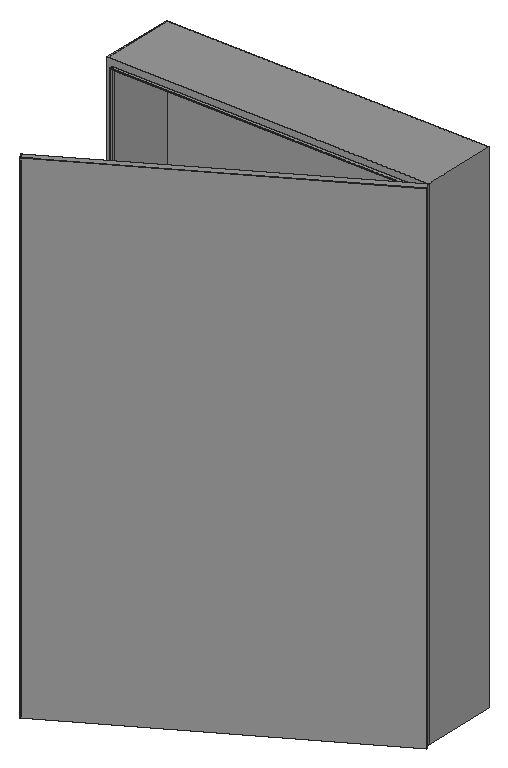
Revit family "Hager-Univers-IP54-D205-H1250-Cl.I-Encl-NoHosted-CH-de", category Equipement électrique, Revit 2020
Family settings
  Configuration du panneau = Deux colonnes, circuits au sein
  Cote de connecteur circulaire = Utiliser le diamètre
  Type d'élément = Tableau de raccordement
  Basée sur le plan de construction = Oui
  Toujours verticalement = Oui
  Couper avec des vides une fois chargée = Non
  Partagée = Non
  Point de calcul de pièce = Non
Parameters (values of type "Aufputz IP54 B800 H1250 T205  - FP83TW2")
  Width Control [instance] = if([EF000008 - Breite] > Min Width, [EF000008 - Breite], Min Width)  # 800 mm
  Commentaires du type = [HG000003 - Bereich]  # "Univers"
  Thickness Door [instance] = if([EF009171 - Materialstärke Tür/Deckel] > 3 mm, 3 mm, [EF009171 - Materialstärke Tür/Deckel])  # 1 mm
  Seal Frame Offset [instance] = 17 mm  # constant formula
  Plinth Visibility [instance] = [HG000027 - Sockelhöhe] > 0 mm  # no
  Min Width [instance] = 100 mm  # constant formula
  Min Depth [instance] = (2 * [EF009170 - Materialstärke Gehäuse]) + 1 mm  # 3 mm
  Min Height [instance] = 100 mm  # constant formula
  Internal Frame Depth [instance] = (Door System Depth * 0.5)  # 9 mm
  Panel Name [instance] = ""  # (empty or 0)
  Model = ""
  HG000027 - Sockelhöhe = 0 mm
  HG000026 - Stehend auf dem Boden = no
  HG000024 - Höhe des unteren Teils = 600 mm
  HG000023 - Gehäuse mit doppeltem Querschnitt = no
  HG000016 - 3D-Türsichtbarkeit [instance] = yes
  HG000015 - Sichtbarkeit der Türöffnung [instance] = no
  HG000014 - Tür rechts [instance] = yes
  HG000013 - Tür links [instance] = not([HG000014 - Tür rechts])  # no
  HG000012 - Türschwenkwinkel [instance] = 30.00°
  HG000010 - Asymmetrische Türen = no
  HG000009 - Doppelflügeligen Tür = no
  HG000006 - Unterputz = no
  HG000004 - Herstellerreferenz = "FP83TW2"
  HG000003 - Bereich = "Univers"
  HG000002 - Mit tür = yes
  Frame Offset Bottom [instance] = 10 mm  # constant formula
  Frame Offset [instance] = 15 mm  # constant formula
  EF015940 - Deckel mit Überdruckentlastung = no
  EF011959 - Schutzart (NEMA) = ""
  EF009554 - Anzahl der Öffnungen für Flanschplatten = 6
  EF009212 - Ausführung Deckel = "EV000116 - geschlossen"
  EF009171 - Materialstärke Tür/Deckel = 1 mm
  EF009170 - Materialstärke Gehäuse = 1 mm
  EF008873 - Nennstrom (In) = 250 A
  EF007800 - Geeignet für Blitzschutz = no
  EF006306 - Mit Schloss = no
  EF006244 - Transparenter Deckel/Tür = no
  EF005474 - Schutzart (IP) = "EV006419 - IP54"
  EF004464 - Art der Tür = "EV002646 - Einzel"
  EF004427 - Anzahl der Module = 288
  EF004293 - Schlagfestigkeit = "EV006815 - IK09"
  EF003532 - Geeignet für Außengebrauch = no
  EF002950 - Breite in Teilungseinheiten = 36
  EF001613 - Funktionserhalt = "EV000494 - ohne"
  EF001596 - Werkstoff des Gehäuses = "EV000179 - Stahl"
  EF001131 - Innentiefe = 130 mm
  EF001088 - Anbaumöglichkeit = yes
  EF000437 - Anzahl der Leitungseinführungen = 6
  EF000339 - Art der Abdeckung = "EV001012 - Deckel"
  EF000266 - Anzahl der Reihen = 8
  EF000218 - Einbautiefe = 205 mm
  EF000118 - Mit Montageplatte = no
  EF000116 - RAL-Nummer = "9010"
  EF000049 - Tiefe = 205 mm
  EF000040 - Höhe = 1250 mm
  EF000008 - Breite = 800 mm
  EF000007 - Farbe = "EV000202 - weiß"
  EF000003 - Montageart = "EV000384 - Aufputz"
  Door System Leaf Tolerance [instance] = 1.5 mm  # constant formula
  Door System Depth [instance] = 18 mm  # constant formula
  Door Height [instance] = Height Control - [HG000027 - Sockelhöhe]  # 1250 mm
  Description = ""
  Default Elevation = 1219.2 mm
  Connector Offset [instance] = Height Control / 2  # 625 mm
  Fabricant = "Hager"  # constant formula
  Height Control [instance] = if([EF000040 - Höhe] > Min Height, [EF000040 - Höhe], Min Height)  # 1250 mm
  Depth Control [instance] = if([EF000049 - Tiefe] > Min Depth, [EF000049 - Tiefe], Min Depth)  # 205 mm
  Bottom Top Plate Trim [instance] = 1.5 mm  # constant formula
  Plinth height Ctrl [instance] = if([HG000027 - Sockelhöhe] > 0 mm, [HG000027 - Sockelhöhe], 12 mm)  # 12 mm
Types (5, lengths in mm): name | Width Control | HG000004 - Herstellerreferenz | EF009554 - Anzahl der Öffnungen für Flanschplatten | EF004464 - Art der Tür | EF004427 - Anzahl der Module | EF002950 - Breite in Teilungseinheiten | EF000437 - Anzahl der Leitungseinführungen | EF000008 - Breite
  Aufputz IP54 B1050 H1250 T205  - FP84TW2 | 1050 | "FP84TW2" | 8 | "EV003602 - Doppel" | 384 | 48 | 8 | 1050
  Aufputz IP54 B1300 H1250 T205  - FP85TW2 | 1300 | "FP85TW2" | 10 | "EV003602 - Doppel" | 480 | 60 | 10 | 1300
  Aufputz IP54 B300 H1250 T205  - FP81TW2 | 300 | "FP81TW2" | 2 | "EV002646 - Einzel" | 96 | 12 | 2 | 300
  Aufputz IP54 B550 H1250 T205  - FP82TW2 | 550 | "FP82TW2" | 4 | "EV002646 - Einzel" | 192 | 24 | 4 | 550
  Aufputz IP54 B800 H1250 T205  - FP83TW2 | 800 | "FP83TW2" | 6 | "EV002646 - Einzel" | 288 | 36 | 6 | 800
Reference planes
  plane 1 "Center (Front/Back)": y = 0
  plane 2: z = 0
  plane 3 "Center (Left/Right)": x = 0
  plane 4: y = 0
  plane 5: y = 0
  plane 6: z = 0
  plane 7: x = -400
  plane 8: x = 400
  plane 9: x = 399
  plane 10: x = -399
  plane 11: z = 0
  plane 12: z = 1
  plane 13: y = -205
  plane 14: y = -1
  plane 15: x = 0
  plane 16: y = -187
  plane 17: y = -204
  plane 18: y = -186
  plane 19: x = -384
  plane 20: x = 384
  plane 21: z = 11
  plane 22: x = -383
  plane 23: x = 383
  plane 24: z = 0
  plane 25: z = 1250
  plane 26: z = 1250
  plane 27: z = 1234
  plane 28: z = 1249
Forms (mm)
  Extrusion 1, solid, material "Hager_Steel_RAL7035_Light_Grey", detail levels medium+fine
    sketch origin (-208.679, -4572, 0) x (-1, 0, 0) y (0, -1, 0)
      loop
        line (191.321, -4385) -> (-608.679, -4385) -> (-608.679, -4572) -> (191.321, -4572) -> (191.321, -4385)
    from 0 to 1250
  Extrusion 2, void
    sketch origin (-350.771, -205, 1219.2) x (1, 0, 0) y (0, 0, 1)
      loop
        line (-48.229, 29.8) -> (-48.229, -1218.2) -> (749.771, -1218.2) -> (749.771, 29.8) -> (-48.229, 29.8)
    from -19 to -204
  Extrusion 3, void
    sketch origin (-290.084, -187, 1219.2) x (1, 0, 0) y (0, 0, 1)
      loop
        line (-93.916, -1208.2) -> (674.084, -1208.2) -> (674.084, 14.8) -> (-93.916, 14.8) -> (-93.916, -1208.2)
    from 0 to -1
  Extrusion 4, solid, material "Hager_Steel_RAL7035_Light_Grey", visible <- "Plinth Visibility", detail levels medium+fine
    sketch origin (0, 0, 0) x (1, 0, 0) y (0, 1, 0)
      loop
        line (-400, 0) -> (-400, -187) -> (400, -187) -> (400, 0) -> (-400, 0)
    from 0 to 12 <- "Plinth height Ctrl"
  Extrusion 5, solid, material "Hager_Steel_RAL7035_Light_Grey", detail levels coarse
    sketch origin (0, 0, 0) x (1, 0, 0) y (0, 1, 0)
      loop
        line (-400, 0) -> (-400, -205) -> (400, -205) -> (400, 0) -> (-400, 0)
    from 0 to 1250 <- "Height Control"
  Sweep 6, void
    path in 3D
      loop
        line (-400, -187, 12) -> (400, -187, 12) -> (400, 0, 12) -> (-400, 0, 12) -> (-400, -187, 12)
    profile origin (-400, -93.5, 12) x (1, 0, 0) y (0, 0, 1)
      loop
        line (0, 0) -> (0, -1.5) -> (1.5, -1.5)
        arc (1.5, -1.5) -> (1.061, -0.439) -> (0, 0) r 1.5
  Extrusion 7, solid, material "Hager_Steel_RAL7035_Light_Grey", detail levels fine
    sketch origin (-400, -187, 0) x (1, 0, 0) y (0, 0, 1)
      loop
        line (16, 11) -> (784, 11) -> (784, 1234) -> (16, 1234) -> (16, 11)
      loop
        line (15, 10) -> (785, 10) -> (785, 1235) -> (15, 1235) -> (15, 10)
    from 0 to 9 <- "Internal Frame Depth"
Cuts and joins
  Extrusion 2, Extrusion 3 cuts Extrusion 1
  Sweep 6 cuts Extrusion 4
Lines and regions (mm)
  Masking region 1
    outline origin (0, 0, 0) x (1, 0, 0) y (0, 1, 0)
      loop
        line (-400, 0) -> (-400, -205) -> (400, -205) -> (400, 0) -> (-400, 0)
  Masking region 2, detail levels coarse
    outline origin (-290.084, -187, 1219.2) x (-1, 0, 0) y (0, 0, 1)
      loop
        line (-690.084, -1219.2) -> (109.916, -1219.2) -> (109.916, 30.8) -> (-690.084, 30.8) -> (-690.084, -1219.2)
  Masking region 3, detail levels coarse
    outline origin (0, 0, 0) x (0, 1, 0) y (0, 0, 1)
      loop
        line (0, 0) -> (0, 1250) -> (-205, 1250) -> (-205, 0) -> (0, 0)
  Masking region 4, visible <- "Plinth Visibility", detail levels medium+fine
    outline origin (0, 0, 0) x (0, 1, 0) y (0, 0, 1)
      loop
        line (-1.5, 12) -> (-185.5, 12)
        arc (-185.5, 12) -> (-185.939, 10.939) -> (-187, 10.5) r 1.5
        line (-187, 10.5) -> (-187, 0) -> (0, 0) -> (0, 10.5)
        arc (0, 10.5) -> (-1.061, 10.939) -> (-1.5, 12) r 1.5
  Masking region 5, detail levels medium+fine
    outline origin (0, 0, 594.038) x (0, 1, 0) y (0, 0, 1)
      loop
        line (0, -594.038) -> (0, 655.962) -> (-187, 655.962) -> (-187, -594.038) -> (0, -594.038)
  Masking region 6, detail levels medium+fine
    outline origin (-359.7, -187, 1211.883) x (-1, 0, 0) y (0, 0, 1)
      loop
        line (-759.7, -1211.883) -> (40.3, -1211.883) -> (40.3, 38.117) -> (-759.7, 38.117) -> (-759.7, -1211.883)
  Masking region 7, visible <- "Plinth Visibility", detail levels medium+fine
    outline origin (-320.334, -187, 1041.368) x (-1, 0, 0) y (0, 0, 1)
      loop
        line (-720.334, -1041.368) -> (79.666, -1041.368) -> (79.666, -1030.868)
        arc (79.666, -1030.868) -> (78.606, -1030.429) -> (78.166, -1029.368) r 1.5
        line (78.166, -1029.368) -> (-718.834, -1029.368)
        arc (-718.834, -1029.368) -> (-719.273, -1030.429) -> (-720.334, -1030.868) r 1.5
        line (-720.334, -1030.868) -> (-720.334, -1041.368)
  sketch lines
    curve 1: line (-400, 0, 12) -> (-400, -187, 12)
    curve 2: line (-400, -187, 12) -> (400, -187, 12)
    curve 3: line (400, 0, 12) -> (-400, 0, 12)
    curve 4: line (400, -187, 12) -> (400, 0, 12)
Dimensions and locks
  locked: plane 1 "Center (Front/Back)" to plane 5
  "EF009170 - Materialstärke Gehäuse": plane 7 to plane 10
  "EF009170 - Materialstärke Gehäuse": plane 8 to plane 9
  equal spacing: plane 7, plane 3 "Center (Left/Right)", plane 8
  "Width Control": plane 7 to plane 8
  "Depth Control": plane 4 to plane 13
  "EF009170 - Materialstärke Gehäuse": plane 4 to plane 14
  "Height Control": plane 25 to level
  "HG000027 - Sockelhöhe": plane 11 to level
  "EF009170 - Materialstärke Gehäuse": plane 12 to plane 11
  "EF009170 - Materialstärke Gehäuse": plane 17 to plane 13
  "EF009170 - Materialstärke Gehäuse": plane 18 to plane 16
  "Frame Offset Bottom": plane 21 to plane 12
  "Frame Offset": plane 10 to plane 19
  "Frame Offset": plane 9 to plane 20
  "Door System Depth": plane 16 to plane 13
  "Seal Frame Offset": plane 7 to plane 22
  "Seal Frame Offset": plane 8 to plane 23
  "EF009170 - Materialstärke Gehäuse": plane 26 to plane 28
  "Frame Offset": plane 28 to plane 27
  "Connector Offset": plane 2 to connector elem
  "Bottom Top Plate Trim": profile plane to Sweep 6 sketch curve
  "Bottom Top Plate Trim": Sweep 6 sketch curve to Sweep 6 sketch curve
  "Plinth height Ctrl": Masking region 4 sketch curve to level
  "Plinth height Ctrl": Masking region 7 sketch curve to level
  "Thickness Door": Extrusion 7 sketch curve to Extrusion 7 sketch curve  (x4)
  "Bottom Top Plate Trim": radius of Sweep 6 sketch curve
  "Bottom Top Plate Trim": radius of Masking region 4 sketch curve  (x2)
  "Bottom Top Plate Trim": radius of Masking region 7 sketch curve  (x2)
  aligned and locked: Extrusion 2 sketch curve to plane 12
  aligned and locked: Extrusion 2 sketch curve to plane 9
  aligned and locked: Extrusion 2 sketch curve to plane 10
  aligned and locked: Extrusion 2 to plane 14
  aligned and locked: Extrusion 1 sketch curve to plane 4
  aligned and locked: plane 8 to Extrusion 1 sketch curve
  aligned and locked: plane 7 to Extrusion 1 sketch curve
  aligned and locked: Extrusion 2 to plane 18
  aligned and locked: Extrusion 3 sketch curve to plane 19
  aligned and locked: plane 20 to Extrusion 3 sketch curve
  aligned and locked: Extrusion 3 to Extrusion 2
  aligned and locked: Extrusion 3 sketch curve to plane 21
  aligned and locked: plane 3 "Center (Left/Right)" to nested 1
  aligned and locked: Extrusion 1 sketch curve to plane 16
  aligned and locked: Extrusion 4 sketch curve to cut or joined group of Extrusion 1, Extrusion 2, Extrusion 3
  aligned and locked: Masking region 1 sketch curve to plane 7
  aligned and locked: Masking region 1 sketch curve to plane 5
  aligned and locked: Masking region 1 sketch curve to plane 8
  aligned and locked: Masking region 2 sketch curve to level
  aligned and locked: level to Masking region 3 sketch curve
  aligned and locked: plane 1 "Center (Front/Back)" to Masking region 3 sketch curve
  aligned and locked: plane 13 to Masking region 3 sketch curve
  aligned and locked: plane 5 to Masking region 4 sketch curve
  aligned and locked: Masking region 2 sketch curve to plane 8
  aligned and locked: Masking region 2 sketch curve to plane 7
  aligned and locked: plane 7 to nested 2
  aligned and locked: nested 2 to plane 5
  aligned and locked: plane 5 to Masking region 5 sketch curve
  aligned and locked: plane 26 to Masking region 5 sketch curve
  aligned and locked: Extrusion 5 sketch curve to plane 8
  aligned and locked: Extrusion 5 sketch curve to plane 7
  aligned and locked: Extrusion 5 sketch curve to plane 5
  aligned and locked: Extrusion 3 sketch curve to plane 27
  aligned and locked: Extrusion 2 sketch curve to plane 28
  aligned and locked: Masking region 2 to plane 25
  aligned and locked: Extrusion 4 to plane 16
  aligned and locked: profile plane to Sweep 6 sketch curve
  aligned and locked: Masking region 5 sketch curve to plane 24
  aligned and locked: level to Masking region 4 sketch curve
  aligned and locked: Masking region 1 to plane 13
  aligned and locked: nested 1 to plane 16
  aligned and locked: Masking region 3 to plane 25
  aligned and locked: plane 16 to Masking region 4 sketch curve
  aligned and locked: Masking region 5 sketch curve to plane 16
  aligned and locked: plane 24 to plane 11
  aligned and locked: plane 26 to plane 25
  aligned and locked: plane 26 to cut or joined group of Extrusion 1, Extrusion 2, Extrusion 3
  aligned and locked: nested 1 to plane 24
  aligned and locked: Extrusion 1 to Extrusion 3
  aligned and locked: Masking region 6 sketch curve to plane 8
  aligned and locked: Masking region 6 sketch curve to plane 24
  aligned and locked: Masking region 6 sketch curve to plane 7
  aligned and locked: Masking region 6 sketch curve to plane 26
  aligned and locked: Masking region 7 sketch curve to plane 7
  aligned and locked: level to Masking region 7 sketch curve
  aligned and locked: Masking region 7 sketch curve to plane 8
  aligned and locked: Extrusion 7 sketch curve to cut or joined group of Extrusion 1, Extrusion 2, Extrusion 3  (x4)
Automatic sketch dimensions
  plane 19 to Extrusion 3 sketch curve = 0 mm
  Extrusion 3 sketch curve to plane 20 = 0 mm
  Extrusion 3 sketch curve to plane 21 = 0 mm
  Extrusion 4 sketch curve to plane 7 = 0 mm
  Extrusion 4 sketch curve to plane 8 = 0 mm
  Extrusion 4 sketch curve to plane 16 = 0 mm
  Masking region 1 sketch curve to plane 13 = 0 mm
  Masking region 2 sketch curve to plane 25 = 0 mm
  Masking region 3 sketch curve to plane 25 = 0 mm
  Extrusion 5 sketch curve to plane 13 = 0 mm
  profile plane to Sweep 6 sketch curve = 0 mm
Nested families
  nested 1: "EC000058_Univers_Door" at (0, -187, 0), Double <- "HG000009 - Doppelflügeligen Tür", Transparent <- "EF006244 - Transparenter Deckel/Tür", Angle <- "HG000012 - Türschwenkwinkel", Door_Right <- "HG000014 - Tür rechts", Assymetrical <- "HG000010 - Asymmetrische Türen", Door <- "HG000002 - Mit tür", Width_Ctrl <- "Width Control", 3d_Door <- "HG000016 - 3D-Türsichtbarkeit", Clearance <- "HG000015 - Sichtbarkeit der Türöffnung", Door_Left <- "HG000013 - Tür links", Width <- "Width Control", Door_Depth <- "Door System Depth", Leaf_Tolerance <- "Door System Leaf Tolerance", Height <- "Door Height", Lock_Visibility <- "EF006306 - Mit Schloss", Thickness <- "Thickness Door", type "EC000058_Univers_Door", detail levels medium+fine
    with min_wh 3 mm, Width_Ctrl 800 mm, Width 800 mm, Transparent no, Thickness 1 mm, Seal_Material Hager_Rubber, Lock_Visibility no, Lock_Material Hager_Plastic_RAL9005_Jet_Black, Leaf_Width 800 mm, Leaf_Tolerance_External_Sides 0 mm, Leaf_Tolerance 1.5 mm, Leaf_Offset 0 mm, Leaf_Height 1247 mm, Leaf_2_Width 800 mm, Leaf_2_Offset 400 mm, Leaf_1_Width 800 mm, Leaf_1_Offset 400 mm, Height_Ctrl 1250 mm, Height 1250 mm, Glass_Material Hager_Glass, Double_Clearance_Ctrl no, Double no, Door_Right_Ctrl yes, Door_Right yes, Door_Material Hager_Steel_RAL7035_Light_Grey, Door_Left_Ctrl no, Door_Left no, Door_Depth 18 mm, Door yes, Clearance_Material Hager_Clearance, Clearance_Depth 800 mm, Clearance_Ctrl no, Clearance no, Assymetrical no, Angle 30.00°, 3d_Door yes
  nested 2: "Hager_Enclosure_Symbol" at (-400, 0, 0), Height <- "Depth Control", Width <- "Width Control", type "Hager_Enclosure_Symbol"
    with Width_Ctrl 800 mm, Width 800 mm, Height_Ctrl 205 mm, Height 205 mm, A_Width_Int 13.453 mm, A_Width 161.438 mm, A_Height_Ctrl 179.375 mm, A_Height 179.375 mm
Connectors
  electrical at (0, 0, 625)
    settings: on plane 1 "Center (Front/Back)", index 1, voltage 0 V, apparent load 0 VA, apparent load phase1 0 VA, apparent load phase2 0 VA, apparent load phase3 0 VA, power factor 1, load classification "Other", number of poles 1, system type 30, power factor state 1, is connector primary yes, connector utility no, sub classification motor no, connector description ""
Definition of nested family "EC000058_Univers_Door"
  Parameters (values of type "EC000058_Univers_Door")
    min_wh [instance] = (2 * Thickness) + 1 mm  # 11 mm
    Width_Ctrl [instance] = 400 mm
    Width [instance] = 500 mm
    Transparent [instance] = yes
    Thickness [instance] = 5 mm
    Seal_Material [instance] = none
    Lock_Visibility [instance] = yes
    Lock_Material [instance] = none
    Leaf_Width [instance] = if((Width_Ctrl - 2 * Leaf_Tolerance_External_Sides) > 0 mm, (Width_Ctrl - 2 * Leaf_Tolerance_External_Sides), min_wh)  # 400 mm
    Leaf_Tolerance_External_Sides [instance] = 0 mm  # constant formula
    Leaf_Tolerance [instance] = 1.5 mm
    Leaf_Offset [instance] = 0 mm  # constant formula
    Leaf_Height [instance] = if((Height_Ctrl - 2 * Leaf_Tolerance) > 0 mm, (Height_Ctrl - 2 * Leaf_Tolerance), min_wh)  # 497 mm
    Leaf_2_Width [instance] = if(and(and(Double, Assymetrical), Door_Left), (Leaf_Width / 3) - (Leaf_Tolerance / 2), if(and(and(Double, Assymetrical), Door_Right), (Leaf_Width / 3) * 2 - (Leaf_Tolerance / 2), if(and(Double, not(Assymetrical)), (Leaf_Width / 2) - Leaf_Tolerance, Leaf_Width)))  # 400 mm
    Leaf_2_Offset [instance] = if(and(Double, Assymetrical), Leaf_2_Width / 2, if(and(Double, not(Assymetrical)), Leaf_Width / 4, Leaf_Width / 2))  # 200 mm
    Leaf_1_Width [instance] = if(and(and(Double, Assymetrical), Door_Right), (Leaf_Width / 3) - (Leaf_Tolerance / 2), if(and(and(Double, Assymetrical), Door_Left), (Width / 3) * 2 - (Leaf_Tolerance / 2), if(and(Double, not(Assymetrical)), (Leaf_Width / 2) - Leaf_Tolerance, Leaf_Width)))  # 400 mm
    Leaf_1_Offset [instance] = if(and(Double, Assymetrical), Leaf_1_Width / 2, if(and(Double, not(Assymetrical)), Leaf_Width / 4, Leaf_Width / 2))  # 200 mm
    Height_Ctrl [instance] = if(Height > min_wh, Height, min_wh)  # 500 mm
    Height [instance] = 500 mm
    Glass_Material [instance] = none
    Double_Clearance_Ctrl [instance] = and(Double, Clearance)  # no
    Double [instance] = no
    Door_Right_Ctrl [instance] = and(or(Door_Right, Double), Door)  # yes
    Door_Right [instance] = yes
    Door_Material [instance] = none
    Door_Left_Ctrl [instance] = and(or(Door_Left, Double), Door)  # no
    Door_Left [instance] = no
    Door_Depth [instance] = 30 mm
    Door [instance] = yes
    Default Elevation = 1219.2 mm
    Clearance_Material [instance] = none
    Clearance_Depth [instance] = if(Leaf_1_Width > Leaf_2_Width, Leaf_1_Width, Leaf_2_Width)  # 400 mm
    Clearance_Ctrl [instance] = and(not(Double), Clearance)  # yes
    Clearance [instance] = yes
    Assymetrical [instance] = yes
    Angle [instance] = 30.00°
    3d_Door [instance] = yes
  Reference planes
    plane 1 "Center (Front/Back)": y = 0
    plane 2 "Bottom": z = 0
    plane 3 "Center (Left/Right)": x = 0
    plane 4: z = 500
    plane 5: x = -200
    plane 6: x = 200
    plane 7: z = 500
    plane 8: x = -200
    plane 9: z = 0
    plane 10: x = 200
    plane 11: y = 0
    plane 12: z = 1.5
    plane 13: x = -600
    plane 14: y = -400
    plane 15: x = 600
    plane 16: x = 0
    plane 17: x = 0
    plane 18: x = -200
    plane 19: x = 200
    plane 20: z = 498.5
  Forms (mm)
    Extrusion 1, solid, material <- "Clearance_Material", visible <- "Double_Clearance_Ctrl"
      sketch origin (1200, 0, 0) x (1, 0, 0) y (0, 0, -1)
        loop
          line (-1800, -498.5) -> (-600, -498.5) -> (-600, 0) -> (-1800, 0) -> (-1800, -498.5)
      from 0 to -400
  Dimensions and locks
    equal spacing: plane 5, plane 3 "Center (Left/Right)", plane 6
    "Width_Ctrl": plane 5 to plane 6
    "Leaf_Offset": plane 5 to plane 8
    "Leaf_Offset": plane 6 to plane 10
    "Leaf_Offset": plane 9 to level
    "Leaf_Offset": plane 4 to plane 7
    "Height_Ctrl": plane 4 to level
    "Leaf_Tolerance": plane 12 to plane 9
    locked: plane 11 to plane 1 "Center (Front/Back)"
    "Leaf_1_Offset": plane 18 to plane 16
    "Leaf_2_Offset": plane 17 to plane 19
    "Leaf_1_Width": plane 13 to plane 8
    "Leaf_2_Width": plane 10 to plane 15
    "Clearance_Depth": plane 14 to plane 1 "Center (Front/Back)"
    "Leaf_Tolerance_External_Sides": plane 8 to plane 18
    "Leaf_Tolerance_External_Sides": plane 19 to plane 10
    "Leaf_Tolerance": plane 7 to plane 20
    aligned and locked: level to plane 2 "Bottom"
    aligned and locked: nested 1 to plane 16
    aligned and locked: nested 2 to plane 17
    aligned and locked: Extrusion 1 to plane 13
    aligned and locked: plane 15 to Extrusion 1
    aligned and locked: Extrusion 1 to plane 14
    aligned and locked: plane 12 to nested 1
    aligned and locked: nested 2 to plane 12
    aligned and locked: Extrusion 1 to plane 11
    aligned and locked: plane 20 to Extrusion 1
    aligned and locked: nested 2 to plane 11
    aligned and locked: nested 1 to plane 11
  Automatic sketch dimensions
    Extrusion 1 sketch curve to level = 0 mm
    plane 5 to Extrusion 1 sketch curve = 400 mm
    plane 6 to Extrusion 1 sketch curve = 400 mm
    Extrusion 1 sketch curve to plane 4 = 1.5 mm
  Nested families
    nested 1: "EC000058_Univers_Door_Leaf" at (0, 0, 1.5), Width <- "Leaf_1_Width", visible <- "Door_Left_Ctrl", Leaf_Height <- "Leaf_Height", Angle <- "Angle", 3d_Door <- "3d_Door", Transparent <- "Transparent", Clearance Material <- "Clearance_Material", Clearance <- "Clearance_Ctrl", Door_Material <- "Door_Material", Glass_Material <- "Glass_Material", Door_Depth <- "Door_Depth", Lock_Material <- "Lock_Material", Seal_Material <- "Seal_Material", Lock_Visibility <- "Lock_Visibility", Thickness <- "Thickness", type "EC000058_Univers_Door_Leaf"
      with Width 400 mm, Transparent_Glass_Offset 30 mm, Transparent_Ctrl yes, Transparent yes, Thickness 5 mm, Standard no, Seal_Material none, Seal_D2 8 mm, Seal_D1 1 mm, Offset_Internal_Frame 10 mm, Lock_Width 20 mm, Lock_Visibility_3d yes, Lock_Visibility yes, Lock_Thickness_3 3 mm, Lock_Thickness_2 1 mm, Lock_Thickness_1 3 mm, Lock_Radius_Offset_2 16 mm, Lock_Radius_Offset_1 15 mm, Lock_Radius_2 5 mm, Lock_Radius 6 mm, Lock_Offset 5 mm, Lock_Material none, Lock_Height 80 mm, Lock_Cover_Top_Offset_2d 17 mm, Lock_Cover_Height -65 mm, Leaf_Height 497 mm, Internal_Seal_Thickness 8 mm, Internal_Seal_Depth_2 4.5 mm, Internal_Frame_Depth 25 mm, Glass_Thickness -1 mm, Glass_Offset -2 mm, Glass_Material none, Door_Material none, Door_Depth 30 mm, Clearance Material none, Clearance yes, Angle_Ctrl 30.00°, Angle 30.00°, 3d_Door yes
    nested 2: "EC000058_Univers_Door_Leaf" at (0, 0, 1.5) x (-1, 0, 0) z (0, 0, 1), Width <- "Leaf_2_Width", visible <- "Door_Right_Ctrl", Leaf_Height <- "Leaf_Height", Angle <- "Angle", 3d_Door <- "3d_Door", Transparent <- "Transparent", Clearance Material <- "Clearance_Material", Clearance <- "Clearance_Ctrl", Door_Material <- "Door_Material", Glass_Material <- "Glass_Material", Door_Depth <- "Door_Depth", Lock_Material <- "Lock_Material", Seal_Material <- "Seal_Material", Lock_Visibility <- "Lock_Visibility", Thickness <- "Thickness", type "EC000058_Univers_Door_Leaf"
      with Width 400 mm, Transparent_Glass_Offset 30 mm, Transparent_Ctrl yes, Transparent yes, Thickness 5 mm, Standard no, Seal_Material none, Seal_D2 8 mm, Seal_D1 1 mm, Offset_Internal_Frame 10 mm, Lock_Width 20 mm, Lock_Visibility_3d yes, Lock_Visibility yes, Lock_Thickness_3 3 mm, Lock_Thickness_2 1 mm, Lock_Thickness_1 3 mm, Lock_Radius_Offset_2 16 mm, Lock_Radius_Offset_1 15 mm, Lock_Radius_2 5 mm, Lock_Radius 6 mm, Lock_Offset 5 mm, Lock_Material none, Lock_Height 80 mm, Lock_Cover_Top_Offset_2d 17 mm, Lock_Cover_Height -65 mm, Leaf_Height 497 mm, Internal_Seal_Thickness 8 mm, Internal_Seal_Depth_2 4.5 mm, Internal_Frame_Depth 25 mm, Glass_Thickness -1 mm, Glass_Offset -2 mm, Glass_Material none, Door_Material none, Door_Depth 30 mm, Clearance Material none, Clearance yes, Angle_Ctrl 30.00°, Angle 30.00°, 3d_Door yes
  Definition of nested family "EC000058_Univers_Door_Leaf"
    Parameters (values of type "EC000058_Univers_Door_Leaf")
      Width [instance] = 2000 mm
      Transparent_Glass_Offset [instance] = 30 mm
      Transparent_Ctrl [instance] = and(Transparent, [3d_Door])  # yes
      Transparent [instance] = yes
      Thickness [instance] = 5 mm
      Standard [instance] = and(not(Transparent), [3d_Door])  # no
      Seal_Material [instance] = none
      Seal_D2 [instance] = 8 mm  # constant formula
      Seal_D1 [instance] = 1 mm  # constant formula
      Offset_Internal_Frame [instance] = 10 mm  # constant formula
      Lock_Width [instance] = 20 mm  # constant formula
      Lock_Visibility_3d [instance] = and(Lock_Visibility, [3d_Door])  # yes
      Lock_Visibility [instance] = yes
      Lock_Thickness_3 [instance] = 3 mm  # constant formula
      Lock_Thickness_2 [instance] = 1 mm  # constant formula
      Lock_Thickness_1 [instance] = 3 mm  # constant formula
      Lock_Radius_Offset_2 [instance] = Lock_Radius_Offset_1 + 1 mm  # 16 mm
      Lock_Radius_Offset_1 [instance] = 15 mm  # constant formula
      Lock_Radius_2 [instance] = Lock_Radius - 1 mm  # 5 mm
      Lock_Radius [instance] = 6 mm  # constant formula
      Lock_Offset [instance] = 5 mm  # constant formula
      Lock_Material [instance] = none
      Lock_Height [instance] = 80 mm  # constant formula
      Lock_Cover_Top_Offset_2d [instance] = Lock_Radius_Offset_2 + 1 mm  # 17 mm
      Lock_Cover_Height [instance] = -(Lock_Height - Lock_Radius_Offset_1)  # -65 mm
      Leaf_Height [instance] = 2720.336 mm
      Internal_Seal_Thickness [instance] = 8 mm  # constant formula
      Internal_Seal_Depth_2 [instance] = 4.5 mm  # constant formula
      Internal_Frame_Depth [instance] = if(Door_Depth - Thickness > 5 mm, Door_Depth - Thickness, 5 mm)  # 25 mm
      Glass_Thickness [instance] = if(Thickness > 15 mm, Glass_Offset + 10 mm, -1 mm)  # -1 mm
      Glass_Offset [instance] = if(Thickness > 15 mm, -(Thickness + 10 mm) / 2, -2 mm)  # -2 mm
      Glass_Material [instance] = none
      Door_Material [instance] = none
      Door_Depth [instance] = 30 mm
      Default Elevation = 0 mm
      Clearance Material [instance] = none
      Clearance [instance] = yes
      Angle_Ctrl [instance] = if(Angle > 180.00°, 180.00°, Angle)  # 90.00°
      Angle [instance] = 90.00°
      3d_Door [instance] = yes
    Reference planes
      plane 1 "Center (Front/Back)": y = 0
      plane 2: z = 0
      plane 3 "Center (Left/Right)": x = 0
      plane 4: y = 2000
      plane 5: x = -1000
      plane 6: x = 1000
      plane 7: x = -3000
      plane 8: z = 2720.336
      plane 9: z = 30
      plane 10: z = 2690.336
      plane 11: x = 970
      plane 12: x = -970
      plane 13: y = -3
      plane 14: z = 107.833
      plane 15: y = -5
      plane 16: y = -223.314
      plane 17: x = -1000
      plane 18: z = 1360.168
      plane 19: y = 30
    Forms (mm)
      Extrusion 1, solid, material <- "Clearance Material", visible <- "Clearance"
        sketch origin (0, 0, 0) x (1, 0, 0) y (0, 0, 1)
          loop
            line (-3000, 2720.336) -> (-3000, 0) -> (1000, 0) -> (1000, 2720.336) -> (-3000, 2720.336)
        from 0 to -2000
      Extrusion 2, solid, material <- "Door_Material", visible <- "Standard", detail levels medium+fine
        sketch origin (-1000, 0, 0) x (0, 1, 0) y (-1, 0, 0)
          loop
            line (0, 30) -> (0, 25) -> (2000, 25) -> (2000, 30) -> (0, 30)
        from 0 to 2720.336 <- "Leaf_Height"
      Extrusion 3, solid, material <- "Door_Material", visible <- "Transparent_Ctrl", detail levels medium+fine
        sketch origin (-1000, 0, 0) x (0, 1, 0) y (-1, 0, 0)
          loop
            line (0, 25) -> (2000, 25) -> (2000, 30) -> (0, 30) -> (0, 25)
        from 0 to 2720.336 <- "Leaf_Height"
      Extrusion 4, void
        sketch origin (-1025, 2000, 0) x (0, 1, 0) y (0, 0, -1)
          loop
            line (-30, -2690.336) -> (-30, -30) -> (-1970, -30) -> (-1970, -2690.336) -> (-30, -2690.336)
        from 0 to 5 <- "Thickness"
      Sweep 5, solid, material <- "Seal_Material", visible <- "Transparent_Ctrl", detail levels fine
        path in 3D
          loop
            line (-1025, 30, 30) -> (-1025, 30, 2690.336) -> (-1025, 1970, 2690.336) -> (-1025, 1970, 30) -> (-1025, 30, 30)
        profile origin (-1025, 1000, 30) x (1, 0, 0) y (0, 0, 1)
          loop
            line (0, 0) -> (0, -8) -> (1, -8) -> (1, 0) -> (0, 0)
      Extrusion 6, solid, material <- "Glass_Material", visible <- "Transparent_Ctrl", detail levels medium+fine
        sketch origin (-1030, 0, 0) x (0, 1, 0) y (0, 0, -1)
          loop
            line (1970, -2690.336) -> (1970, -30) -> (30, -30) -> (30, -2690.336) -> (1970, -2690.336)
        from -2 <- "Glass_Offset" to -1 <- "Glass_Thickness"
      Extrusion 7, solid, material <- "Door_Material", visible <- "3d_Door", detail levels medium+fine
        sketch origin (-1025, 2000, 0) x (0, -1, 0) y (0, 0, -1)
          loop
            line (0, -2720.336) -> (2000, -2720.336) -> (2000, 0) -> (0, 0) -> (0, -2720.336)
          loop
            line (1995, -5) -> (5, -5) -> (5, -2715.336) -> (1995, -2715.336) -> (1995, -5)
        from 0 to 25 <- "Internal_Frame_Depth"
      Sweep 8, solid, material <- "Seal_Material", visible <- "Transparent_Ctrl", detail levels fine
        path in 3D
          loop
            line (-1025, 0, 0) -> (-1025, 2000, 0) -> (-1025, 2000, 2720.336) -> (-1025, 0, 2720.336) -> (-1025, 0, 0)
        profile origin (-1025, 0, 1360.168) x (1, 0, 0) y (0, 1, 0)
          loop
            line (0, 10) -> (2.975, 10)
            arc (2.975, 10) -> (4.053, 10.447) -> (4.5, 11.525) r 1.525
            line (4.5, 11.525) -> (4.5, 16.527)
            arc (4.5, 16.527) -> (4.069, 17.569) -> (3.027, 18) r 1.473
            line (3.027, 18) -> (0, 18) -> (0, 10)
      Extrusion 9, solid, material <- "Lock_Material", visible <- "Lock_Visibility_3d", detail levels fine
        sketch origin (-1030, 0, 0) x (0, 1, 0) y (0, 0, -1)
          loop
            arc (1993.5, -1400.168) -> (1994.561, -1399.729) -> (1995, -1398.668) r 1.5
            line (1995, -1398.668) -> (1995, -1320.168) -> (1975, -1320.168) -> (1975, -1398.668)
            arc (1975, -1398.668) -> (1975.439, -1399.729) -> (1976.5, -1400.168) r 1.5
            line (1976.5, -1400.168) -> (1993.5, -1400.168)
        from 3 <- "Lock_Thickness_1" to 0
      Blend 10, solid, material <- "Lock_Material", visible <- "Lock_Visibility_3d", detail levels fine
        base sketch origin (-1033, 0, 0) x (0, 1, 0) y (0, 0, -1)
          loop
            line (1975, -1320.168) -> (1975, -1398.668)
            arc (1975, -1398.668) -> (1975.439, -1399.729) -> (1976.5, -1400.168) r 1.5
            line (1976.5, -1400.168) -> (1993.5, -1400.168)
            arc (1993.5, -1400.168) -> (1994.561, -1399.729) -> (1995, -1398.668) r 1.5
            line (1995, -1398.668) -> (1995, -1320.168) -> (1975, -1320.168)
        top sketch origin (-1033, 0, 0) x (0, 1, 0) y (0, 0, -1)
          loop
            line (1976, -1320.168) -> (1976, -1398.668)
            arc (1976, -1398.668) -> (1976.146, -1399.022) -> (1976.5, -1399.168) r 0.5
            line (1976.5, -1399.168) -> (1993.5, -1399.168)
            arc (1993.5, -1399.168) -> (1993.854, -1399.022) -> (1994, -1398.668) r 0.5
            line (1994, -1398.668) -> (1994, -1320.168) -> (1976, -1320.168)
        from 0 to 1 <- "Lock_Thickness_2"
      Blend 11, solid, material <- "Lock_Material", visible <- "Lock_Visibility_3d", detail levels fine
        base sketch origin (-1034, 0, 0) x (0, 1, 0) y (0, 0, -1)
          loop
            line (1978, -1320.168) -> (1978, -1384.168)
            arc (1978, -1384.168) -> (1985, -1391.168) -> (1992, -1384.168) r 7
            line (1992, -1384.168) -> (1992, -1320.168) -> (1978, -1320.168)
        top sketch origin (-1034, 0, 0) x (0, 1, 0) y (0, 0, -1)
          loop
            line (1991, -1320.168) -> (1979, -1320.168) -> (1979, -1383.168)
            arc (1979, -1383.168) -> (1985, -1389.168) -> (1991, -1383.168) r 6
            line (1991, -1383.168) -> (1991, -1320.168)
        from 0 to 3 <- "Lock_Thickness_3"
      Extrusion 12, solid, material <- "Lock_Material", visible <- "Lock_Visibility_3d", detail levels fine
        sketch origin (-1030, 1975, 1320.168) x (1, 0, 0) y (0, -1, 0)
          loop
            line (-7, -19) -> (-7, -1) -> (0, -1) -> (0, 0) -> (-8, 0) -> (-8, -20) -> (0, -20) -> (0, -19) -> (-7, -19)
        from 0 to -65 <- "Lock_Cover_Height"
      Extrusion 13, void
        sketch origin (-1038, 1995, 1320.168) x (-1, 0, 0) y (0, 0, -1)
          loop
            line (-5, -65) -> (0, -65) -> (-5, -60) -> (-5, -65)
        from 0 to 20 <- "Lock_Width"
      Extrusion 14, void
        sketch origin (-1038, 1975, 1320.168) x (0, -1, 0) y (0, 0, -1)
          loop
            circle (-10, -15.995) r 6
          loop
            circle (-10, -15.995) r 5
        from 0 to 2
      Extrusion 15, solid, material <- "Lock_Material", visible <- "Lock_Visibility_3d", detail levels medium
        sketch origin (-1030, 0, 0) x (0, 1, 0) y (0, 0, -1)
          loop
            arc (1993.5, -1400.168) -> (1994.561, -1399.729) -> (1995, -1398.668) r 1.5
            line (1995, -1398.668) -> (1995, -1320.168) -> (1975, -1320.168) -> (1975, -1398.668)
            arc (1975, -1398.668) -> (1975.439, -1399.729) -> (1976.5, -1400.168) r 1.5
            line (1976.5, -1400.168) -> (1993.5, -1400.168)
        from 8 to 0
    Cuts and joins
      Extrusion 4 cuts Extrusion 3
      Extrusion 13, Extrusion 14 cuts Extrusion 9
      Extrusion 14 cuts Blend 11
      Extrusion 13, Extrusion 14 cuts Extrusion 12
      joined: Extrusion 9, Blend 10, Blend 11, Extrusion 12
      Extrusion 14 cuts Extrusion 15
    Lines and regions (mm)
      Masking region 1, visible <- "Lock_Visibility", detail levels fine
        outline origin (0, 0, 0) x (0, 1, 0) y (0, 0, 1)
          loop
            line (30, 1320.168) -> (33, 1320.168) -> (33, 1400.168) -> (30, 1400.168) -> (30, 1320.168)
      Masking region 2, visible <- "Lock_Visibility", detail levels fine
        outline origin (0, 3.143, 0) x (0, 1, 0) y (0, 0, 1)
          loop
            line (29.857, 1354.168) -> (30.857, 1354.168) -> (30.857, 1366.168) -> (29.857, 1366.168) -> (29.857, 1354.168)
      Masking region 3, detail levels medium+fine
        outline origin (0, 0, 0) x (0, 1, 0) y (0, 0, 1)
          loop
            line (0, 0) -> (30, 0) -> (30, 2720.336) -> (0, 2720.336) -> (0, 0)
      Masking region 4, detail levels medium+fine
        outline origin (0, 0, 0) x (1, 0, 0) y (0, 0, 1)
          loop
            line (-1000, 2720.336) -> (-1000, 0) -> (1000, 0) -> (1000, 2720.336) -> (-1000, 2720.336)
      Masking region 5, visible <- "Lock_Visibility", detail levels fine
        outline origin (-47.116, 0, 0) x (1, 0, 0) y (0, 0, 1)
          loop
            arc (1024.616, 1399.168) -> (1023.556, 1398.729) -> (1023.116, 1397.668) r 1.5
            line (1023.116, 1397.668) -> (1023.116, 1320.168) -> (1041.116, 1320.168) -> (1041.116, 1397.668)
            arc (1041.116, 1397.668) -> (1040.677, 1398.729) -> (1039.616, 1399.168) r 1.5
            line (1039.616, 1399.168) -> (1024.616, 1399.168)
      Masking region 6, visible <- "Lock_Visibility", detail levels medium+fine
        outline origin (-25, 0, 0) x (1, 0, 0) y (0, 0, 1)
          loop
            arc (1001.5, 1400.168) -> (1000.439, 1399.729) -> (1000, 1398.668) r 1.5
            line (1000, 1398.668) -> (1000, 1320.168) -> (1020, 1320.168) -> (1020, 1398.668)
            arc (1020, 1398.668) -> (1019.561, 1399.729) -> (1018.5, 1400.168) r 1.5
            line (1018.5, 1400.168) -> (1001.5, 1400.168)
      Masking region 7, visible <- "Lock_Visibility", detail levels fine
        outline origin (-73.735, 0, 0) x (1, 0, 0) y (0, 0, 1)
          loop
            line (1051.735, 1382.168) -> (1065.735, 1382.168) -> (1065.735, 1384.168)
            arc (1065.735, 1384.168) -> (1058.735, 1391.168) -> (1051.735, 1384.168) r 7
            line (1051.735, 1384.168) -> (1051.735, 1382.168)
      Masking region 8, visible <- "Lock_Visibility", detail levels fine
        outline origin (-73.735, 0, 0) x (1, 0, 0) y (0, 0, 1)
          loop
            line (1052.735, 1382.168) -> (1064.735, 1382.168) -> (1064.735, 1383.168)
            arc (1064.735, 1383.168) -> (1058.735, 1389.168) -> (1052.735, 1383.168) r 6
            line (1052.735, 1383.168) -> (1052.735, 1382.168)
      Masking region 9, visible <- "Lock_Visibility", detail levels fine
        outline origin (-25, 0, 0) x (1, 0, 0) y (0, 0, 1)
          loop
            line (1020, 1320.168) -> (1020, 1382.168) -> (1000, 1382.168) -> (1000, 1320.168) -> (1020, 1320.168)
      Masking region 10, detail levels medium+fine
        outline origin (0, 0, 0) x (1, 0, 0) y (0, 0, 1)
          loop
            circle (985, 1335.144) r 6
      Masking region 11, detail levels fine
        outline origin (0, 0, 0) x (1, 0, 0) y (0, 0, 1)
          loop
            circle (985, 1335.144) r 5
      Masking region 12, visible <- "Lock_Visibility", detail levels fine
        outline origin (0, 12.767, 0) x (0, 1, 0) y (0, 0, 1)
          loop
            line (20.233, 1320.168) -> (21.233, 1320.168) -> (21.233, 1399.168) -> (20.233, 1400.168) -> (20.233, 1320.168)
      Masking region 13, visible <- "Lock_Visibility", detail levels fine
        outline origin (0, 13.767, -10) x (0, 1, 0) y (0, 0, 1)
          loop
            line (20.233, 1330.168) -> (23.233, 1330.168) -> (23.233, 1399.168) -> (20.233, 1402.168) -> (20.233, 1330.168)
      Masking region 14, visible <- "Lock_Visibility", detail levels fine
        outline origin (0, 12.767, -10) x (0, 1, 0) y (0, 0, 1)
          loop
            line (20.233, 1330.168) -> (25.233, 1330.168) -> (25.233, 1399.305) -> (20.233, 1394.305) -> (20.233, 1330.168)
      Masking region 15, visible <- "Lock_Visibility", detail levels medium
        outline origin (0, 0, 0) x (0, 1, 0) y (0, 0, 1)
          loop
            line (30, 1320.168) -> (38, 1320.168) -> (38, 1400.168) -> (30, 1400.168) -> (30, 1320.168)
      Masking region 16, visible <- "Lock_Visibility", detail levels fine
        outline origin (-1000, 0, 0) x (0, 1, 0) y (-1, 0, 0)
          loop
            line (1975, 30) -> (1995, 30) -> (1995, 38) -> (1975, 38) -> (1975, 30)
          loop
            line (1979, 37) -> (1976, 37) -> (1976, 34) -> (1978, 34) -> (1979, 37)
          loop
            line (1994, 37) -> (1991, 37) -> (1992, 34) -> (1994, 34) -> (1994, 37)
      Masking region 17, visible <- "Lock_Visibility", detail levels medium
        outline origin (-1000, 0, 0) x (0, 1, 0) y (-1, 0, 0)
          loop
            line (1975, 30) -> (1995, 30) -> (1995, 38) -> (1975, 38) -> (1975, 30)
      symbolic lines
        curve 1: line (1000, 0, 0) -> (-3000, 0, 0)
        curve 2: arc (1000, 0, 0) -> (-1000, 2000, 0) -> (-3000, 0, 0) r 2000
        curve 4: line (-1030, 0, 0) -> (-1030, 2000, 0)
      reference lines
        curve 3: line (-1000, 0, 0) -> (-1000, 2000, 0)
      symbolic lines, detail levels medium+fine
        curve 5: line (-1030, 2000, 0) -> (-1025, 2000, 0)
        curve 7: line (-1025, 0, 0) -> (-1030, 0, 0)
        curve 8: line (-1025, 0, 0) -> (-1000, 0, 0)
        curve 9: line (-1000, 0, 0) -> (-1000, 2000, 0)
        curve 10: line (-1000, 2000, 0) -> (-1025, 2000, 0)
      symbolic lines, detail levels fine
        curve 6: line (-1025, 2000, 0) -> (-1025, 0, 0)
      sketch lines
        curve 11: line (-1025, 0, 2720.336) -> (-1025, 0, 0)
        curve 12: line (-1025, 2000, 0) -> (-1025, 0, 0)
        curve 13: line (-1025, 2000, 2720.336) -> (-1025, 2000, 0)
        curve 14: line (-1025, 0, 2720.336) -> (-1025, 2000, 2720.336)
        curve 15: line (-1025, 1970, 30) -> (-1025, 30, 30)
        curve 16: line (-1025, 30, 30) -> (-1025, 30, 2690.336)
        curve 17: line (-1025, 1970, 2690.336) -> (-1025, 1970, 30)
        curve 18: line (-1025, 30, 2690.336) -> (-1025, 1970, 2690.336)
      symbolic lines, visible <- "Transparent", detail levels medium+fine
        curve 19: line (-970, 0, 2690.336) -> (970, 0, 2690.336)
        curve 20: line (-970, 0, 30) -> (-970, 0, 2690.336)
        curve 21: line (970, 0, 30) -> (-970, 0, 30)
        curve 22: line (970, 0, 2690.336) -> (970, 0, 30)
    Dimensions and locks
      "Width": plane 1 "Center (Front/Back)" to plane 4
      equal spacing: plane 5, plane 3 "Center (Left/Right)", plane 6
      "Width": plane 5 to plane 6
      "Width": plane 7 to plane 5
      "Leaf_Height": plane 8 to level
      "Width": curve 5 to curve 3
      "Width": curve 3 to curve 3
      plane 8 to plane 10 = 30 mm
      plane 9 to level = 30 mm
      plane 12 to plane 5 = 30 mm
      plane 6 to plane 11 = 30 mm
      Extrusion 1 to Extrusion 4 sketch curve = 30 mm
      "Transparent_Glass_Offset": curve 3 to Extrusion 4 sketch curve
      "Transparent_Glass_Offset": Extrusion 4 sketch curve to cut or joined group of Extrusion 3, Extrusion 4  (x2)
      cut or joined group of Extrusion 3, Extrusion 4 to Extrusion 6 sketch curve = 30 mm
      "Transparent_Glass_Offset": cut or joined group of Extrusion 3, Extrusion 4 to Extrusion 4 sketch curve
      "Thickness": curve 6 to curve 4
      "Thickness": Extrusion 7 sketch curve to Extrusion 7 sketch curve  (x4)
      "Door_Depth": curve 4 to curve 3
      "Offset_Internal_Frame": profile plane to Sweep 8 sketch curve
      "Internal_Seal_Thickness": Sweep 8 sketch curve to Sweep 8 sketch curve
      "Internal_Seal_Depth_2": profile plane to Sweep 8 sketch curve
      "Seal_D1": profile plane to Sweep 5 sketch curve
      "Seal_D2": profile plane to Sweep 5 sketch curve
      "Thickness": Extrusion 2 sketch curve to Extrusion 2 sketch curve
      equal spacing: Extrusion 9 sketch curve, plane 18, Extrusion 9 sketch curve  (x2)
      equal spacing: Masking region 1 sketch curve, plane 18, Masking region 1 sketch curve
      "Lock_Height": Masking region 1 sketch curve to Masking region 1 sketch curve
      "Lock_Radius": Masking region 2 sketch curve to plane 18 to Masking region 2 sketch curve
      Masking region 2 sketch curve to Masking region 1 = 1 mm
      "Door_Depth": plane 19 to plane 1 "Center (Front/Back)"
      "Lock_Thickness_1": Masking region 1 sketch curve to plane 19
      "Lock_Width": Extrusion 9 sketch curve to Extrusion 9 sketch curve
      "Lock_Height": Extrusion 9 sketch curve to Extrusion 9 sketch curve
      "Lock_Offset": cut or joined group of Extrusion 3, Extrusion 4 to Extrusion 9 sketch curve
      equal spacing: plane 8, plane 18, level
      "Lock_Radius_Offset_1": Blend 11 sketch curve to Blend 10
      locked: Blend 10 to Blend 11 sketch curve at 2  (x2)
      locked: var sketch to Blend 11 sketch curve at 1  (x2)
      "Lock_Radius_Offset_2": Blend 11 sketch curve to Blend 10
      locked: Extrusion 12 sketch curve to Extrusion 12 sketch curve at 1  (x3)
      Masking region 6 sketch curve to Masking region 6 sketch curve = 80 mm
      "Lock_Height": Masking region 6 sketch curve to Masking region 6 sketch curve
      "Lock_Width": Masking region 6 sketch curve to Masking region 6 sketch curve
      locked: Masking region 6 to Masking region 5 sketch curve at 1  (x3)
      locked: Masking region 5 to Masking region 7 sketch curve at 2  (x2)
      "Lock_Radius_Offset_1": Masking region 5 to Masking region 7 sketch curve
      "Lock_Radius_Offset_2": Masking region 5 to Masking region 8 sketch curve
      locked: Masking region 7 to Masking region 8 sketch curve at 1  (x2)
      "Lock_Cover_Top_Offset_2d": Masking region 5 to Masking region 9 sketch curve
      equal spacing: Masking region 9, Masking region 10 sketch curve, Masking region 9
      equal spacing: Masking region 9, Masking region 11 sketch curve, Masking region 9
      Extrusion 15 sketch curve to Extrusion 15 sketch curve = 80 mm
      "Lock_Width": Extrusion 15 sketch curve to Extrusion 15 sketch curve
      "Lock_Height": Extrusion 15 sketch curve to Extrusion 15 sketch curve
      equal spacing: Extrusion 15 sketch curve, plane 18, Extrusion 15 sketch curve
      "Lock_Thickness_3": Masking region 13 sketch curve to Masking region 13 sketch curve
      "Lock_Height": Masking region 12 sketch curve to Masking region 12 sketch curve
      locked: Masking region 13 sketch curve to Masking region 1 at 8
      locked: Masking region 14 sketch curve to Masking region 13 at 1
      locked: Masking region 14 sketch curve to Masking region 1 at 10.863
      "Lock_Height": Masking region 15 sketch curve to Masking region 15 sketch curve
      "Lock_Offset": Extrusion 15 sketch curve to cut or joined group of Extrusion 3, Extrusion 4
      "Lock_Offset": plane 6 to Masking region 6 sketch curve
      radius of Sweep 8 sketch curve = 1.525 mm
      radius of Sweep 8 sketch curve = 1.473 mm
      radius of Extrusion 9 sketch curve = 1.5 mm  (x2)
      "Lock_Radius": radius of Extrusion 14 sketch curve
      "Lock_Radius_2": radius of Extrusion 14 sketch curve
      "Lock_Radius": radius of Masking region 10 sketch curve
      "Lock_Radius_2": radius of Masking region 11 sketch curve
      radius of Extrusion 15 sketch curve = 1.5 mm  (x2)
      "Angle_Ctrl": angle plane 1 "Center (Front/Back)" to curve 3
      locked: Masking region 12 sketch curve to Masking region 12 sketch curve (angle 45.00°)
      locked: Masking region 13 sketch curve to Masking region 13 sketch curve (angle 45.00°)
      locked: Masking region 14 sketch curve to Masking region 14 sketch curve (angle 45.00°)
      aligned and locked: level to plane 2
      aligned and locked: Extrusion 1 to curve 1
      aligned and locked: plane 6 to Extrusion 1
      aligned and locked: Extrusion 1 to plane 1 "Center (Front/Back)"
      aligned and locked: plane 4 to Extrusion 1
      aligned and locked: plane 8 to Extrusion 1
      aligned and locked: curve 7 to Extrusion 2 sketch curve
      aligned and locked: curve 5 to Extrusion 2 sketch curve
      aligned and locked: curve 7 to Extrusion 3 sketch curve
      aligned and locked: Extrusion 3 sketch curve to curve 4
      aligned and locked: Extrusion 3 sketch curve to curve 6
      aligned and locked: Extrusion 3 sketch curve to curve 5
      aligned and locked: curve 9 to curve 3
      aligned and locked: Extrusion 7 sketch curve to cut or joined group of Extrusion 3, Extrusion 4  (x4)
      aligned and locked: plane 17 to curve 3
      aligned and locked: plane 1 "Center (Front/Back)" to curve 3
      aligned and locked: plane 17 to plane 5
      aligned and locked: Sweep 8 sketch curve to profile plane
      aligned and locked: Sweep 5 sketch curve to profile plane  (x2)
      aligned and locked: Masking region 1 to Masking region 2 sketch curve
      aligned and locked: plane 19 to Masking region 1 sketch curve
      aligned and locked: plane 1 "Center (Front/Back)" to Masking region 3 sketch curve
      aligned and locked: plane 19 to Masking region 3 sketch curve
      aligned and locked: level to Masking region 3 sketch curve
      aligned and locked: Masking region 3 sketch curve to plane 8
      aligned and locked: plane 17 to Masking region 4 sketch curve
      aligned and locked: level to Masking region 4 sketch curve
      aligned and locked: Masking region 4 sketch curve to plane 8
      aligned and locked: plane 12 to curve 20
      aligned and locked: plane 10 to curve 19
      aligned and locked: plane 11 to curve 22
      aligned and locked: curve 21 to plane 9
      aligned and locked: Extrusion 2 sketch curve to cut or joined group of Extrusion 3, Extrusion 4
      aligned and locked: Blend 10 sketch curve to Extrusion 9  (x4)
      aligned and locked: Extrusion 9 to Blend 10 sketch curve
      aligned and locked: Blend 10 to Blend 11 sketch curve
      aligned and locked: Extrusion 12 sketch curve to Blend 11
      aligned and locked: Extrusion 12 sketch curve to Extrusion 9  (x4)
      aligned and locked: Masking region 5 sketch curve to Masking region 6
      aligned and locked: Masking region 9 sketch curve to Masking region 6  (x3)
      aligned and locked: Masking region 12 sketch curve to Masking region 1
      aligned and locked: Masking region 13 sketch curve to Masking region 1
      aligned and locked: Masking region 12 to Masking region 14
      aligned and locked: Masking region 14 sketch curve to Masking region 1
      aligned and locked: Masking region 15 sketch curve to Masking region 14
      aligned and locked: Masking region 13 sketch curve to Masking region 12
      aligned and locked: Masking region 16 sketch curve to cut or joined group of Extrusion 14, Extrusion 15  (x4)
      aligned and locked: Masking region 16 sketch curve to cut or joined group of Extrusion 9, Blend 10, Blend 11, Extrusion 12, Extrusion 13, Extrusion 14  (x6)
      aligned and locked: cut or joined group of Extrusion 9, Blend 10, Blend 11, Extrusion 12, Extrusion 13, Extrusion 14 to Masking region 16 sketch curve
      aligned and locked: Masking region 17 sketch curve to cut or joined group of Extrusion 14, Extrusion 15  (x3)
      aligned and locked: Masking region 17 sketch curve to cut or joined group of Extrusion 9, Blend 10, Blend 11, Extrusion 12, Extrusion 13, Extrusion 14
      aligned and locked: Masking region 9 to Masking region 8 sketch curve
      aligned and locked: Masking region 9 to Masking region 7 sketch curve
    Automatic sketch dimensions
      plane 1 "Center (Front/Back)" to curve 2 = 0 mm
      curve 2 to plane 5 = 0 mm
      Extrusion 1 sketch curve to level = 0 mm
      Extrusion 1 sketch curve to plane 7 = 0 mm
      Extrusion 1 sketch curve to plane 6 = 0 mm
      Extrusion 1 sketch curve to plane 8 = 0 mm
      Extrusion 3 to Extrusion 6 sketch curve = 30 mm  (x4)
      Masking region 4 sketch curve to plane 6 = 0 mm
      Blend 10 sketch curve to Extrusion 9 = 1.5 mm
      Blend 10 sketch curve to Extrusion 9 = 1 mm
      Extrusion 13 sketch curve to Extrusion 12 = 0 mm  (x2)
      Extrusion 12 to Extrusion 13 sketch curve = 3 mm
      Extrusion 13 sketch curve to Extrusion 12 = 5 mm
      Extrusion 14 sketch curve to Extrusion 14 sketch curve = 0 mm  (x2)
      Extrusion 14 sketch curve to Extrusion 12 = 10 mm
      Extrusion 14 sketch curve to Extrusion 12 = 15.995 mm
      Masking region 5 sketch curve to Masking region 5 sketch curve = 1.5 mm  (x2)
      Masking region 10 sketch curve to plane 18 = 25.024 mm
      Masking region 11 sketch curve to plane 18 = 25.024 mm
      plane 19 to Masking region 14 sketch curve = 3 mm
      Masking region 16 sketch curve to Masking region 16 sketch curve = 3 mm
      curve 4 to curve 3 = 0 mm
      Blend 10 to Blend 11 sketch curve = 0 mm
      Masking region 6 sketch curve to Masking region 6 sketch curve = 1.5 mm  (x2)
      Masking region 6 sketch curve to plane 18 = 40 mm
      plane 19 to Masking region 12 sketch curve = 3 mm
      Masking region 12 sketch curve to Masking region 12 sketch curve = 1 mm
      Masking region 15 sketch curve to plane 19 = 0 mm
      Masking region 15 sketch curve to plane 18 = 40 mm
      radius of Blend 10 sketch curve to Extrusion 9 = 1 mm
Definition of nested family "Hager_Enclosure_Symbol"
  Parameters (values of type "Hager_Enclosure_Symbol")
    Width_Ctrl [instance] = if(Width > 1 mm, Width, 1 mm)  # 102.27 mm
    Width [instance] = 102.27 mm
    Height_Ctrl [instance] = if(Height > 1 mm, Height, 1 mm)  # 66.5 mm
    A_Width_Int [instance] = if(A_Width / 12 > 2 mm, A_Width / 12, 2 mm)  # 4.364 mm
    A_Width [instance] = if(A_Height_Ctrl * 0.9 > 2 mm, A_Height_Ctrl * 0.9, 2 mm)  # 52.369 mm
    A_Height_Ctrl [instance] = if(A_Height > 2 mm, A_Height, 2 mm)  # 58.188 mm
    Height [instance] = 66.5 mm
    A_Height [instance] = Height - (Height / 8)  # 58.188 mm
  Reference planes
    plane 1 "Centre (avant/arrière)": y = 0
    plane 2: z = 0
    plane 3 "Centre (gauche/droite)": x = 0
    plane 4: x = 52.369
    plane 5: y = 33.042
    plane 6: y = 41.77
    plane 7: y = 66.5
    plane 8: x = 26.184
    plane 9: y = 37.406
    plane 10: x = 102.27
    plane 11: y = 66.5
    plane 12: y = 8.313
  Lines and regions (mm)
    Filled region 1, type "Solid_Black", in view "Niveau de réf."
      outline origin (0, 0, 0) x (1, 0, 0) y (0, 1, 0)
        loop
          line (52.369, 66.5) -> (33.188, 54.536) -> (45.365, 45.006) -> (52.369, 66.5)
    Filled region 2, type "Solid_Black", in view "Niveau de réf."
      outline origin (0, 0, 0) x (1, 0, 0) y (0, 1, 0)
        loop
          line (0, 0) -> (102.27, 0) -> (102.27, 66.5) -> (0, 0)
    detail lines, in view "Niveau de réf."
      curve 1: line (0, 8.313, 0) -> (26.184, 41.77, 0)
      curve 2: line (26.184, 41.77, 0) -> (26.184, 33.042, 0)
      curve 3: line (26.184, 33.042, 0) -> (52.369, 66.5, 0)
  Dimensions and locks
    "A_Width": plane 3 "Centre (gauche/droite)" to plane 4
    equal spacing: plane 3 "Centre (gauche/droite)", plane 8, plane 4
    equal spacing: plane 6, plane 9, plane 5
    equal spacing: curve 3, Filled region 1 sketch curve, Filled region 1 sketch curve
    "Height_Ctrl": plane 1 "Centre (avant/arrière)" to plane 11
    "A_Height_Ctrl": plane 11 to plane 12
    equal spacing: plane 11, plane 9, plane 12
    "A_Width_Int": plane 6 to plane 9
    "Width_Ctrl": plane 3 "Centre (gauche/droite)" to plane 10
    angle Filled region 1 sketch curve to curve 3 = 20.00°
    angle curve 3 to Filled region 1 sketch curve = 20.00°
    locked: curve 3 to Filled region 1 sketch curve (angle 90.00°)
    aligned and locked: plane 10 to Filled region 2
    aligned and locked: plane 11 to Filled region 2 sketch curve
    aligned and locked: plane 10 to Filled region 2 sketch curve
    aligned and locked: plane 3 "Centre (gauche/droite)" to curve 1
    aligned and locked: plane 12 to curve 1
    aligned and locked: plane 7 to plane 11
  Automatic sketch dimensions
    Filled region 1 sketch curve to plane 4 = 0 mm
    Filled region 1 sketch curve to plane 7 = 0 mm
    plane 1 "Centre (avant/arrière)" to Filled region 2 sketch curve = 0 mm
    Filled region 2 sketch curve to plane 3 "Centre (gauche/droite)" = 0 mm
    curve 2 to plane 6 = 0 mm
    curve 2 to plane 8 = 0 mm
    curve 3 to plane 4 = 0 mm
    curve 2 to plane 5 = 0 mm
    curve 3 to plane 7 = 0 mm
